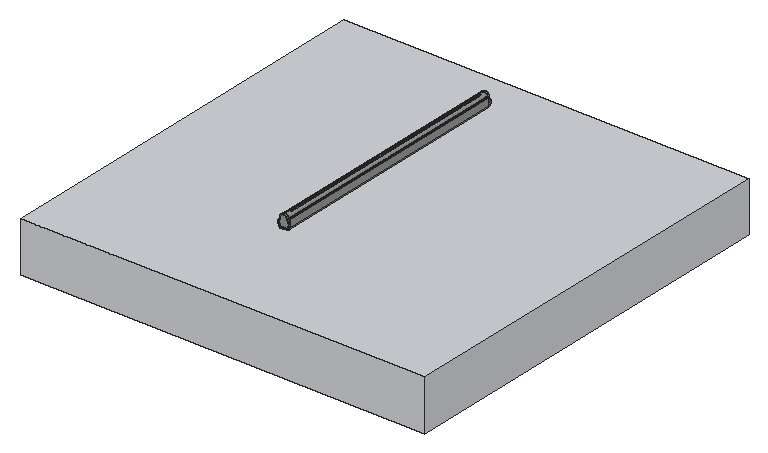
Revit family "L-trade II 65", category Осветительные приборы, Revit 2017
Family settings
  Основа = Грань
  Размер круглого соединителя = Использовать диаметр
  Тип детали = Нормальный
  При загрузке вырезать с полостями = Нет
  Источник света = Да
  Общий = Нет
  Точка расчета площади = Нет
Parameters (values of type "L-trade II 65 4.0K Д")
  Цветовая температура = 4000 K
  Световой поток светильника = Lumens  # 7605 lm
  Расстояние от светильника до поверхности = 250 mm
  Описание = "Универсальный светодиодный светильник нового поколения L-trade II 65  предназначен для освещения торговых залов, промышленных помещений, логистических центров, складов, магазинов, спортивных сооружений и т.д."
  Lamp = ""
  Кривая сил света = "Д"
  Комментарии к типоразмеру = "Торговые"
  Wattage Comments = ""
  Wattage = 51.1977 W
  built-in parameter 1150110 = 1 (stored number, unit not read)
  built-in parameter 1114217 = 1 (stored number, unit not read)
  Tilt Angle = 90.00°
  built-in parameter 1150109 = 1 (stored number, unit not read)
  built-in parameter 1150134 = 12
  built-in parameter 1150113 = 1 (stored number, unit not read)
  Файл фотометрической сетки = "L-trade II 65-22-D-4.0-03.ies"
  built-in parameter 1150142 = "IESNA:LM-63-1995\r\n[TEST]LEDEL\r\n[DATA]17.01.2017\r\n[MANUFAC]LEDEL\r\n[LUMCAT]L-trade II 65/65/Д/4.0/03\r\n[LUMINAIRE]Для освещения торговых залов, промышленных помещений, складов, магазинов, спортивных сооружений и т.д.  \r\n[LAMPCAT]LED\r\n[LAMP]OSRAM DURIS S5\r\nTILT=NONE\r\n\r\n1 7605 1.658307 37 10 1 2 1.531 0.05 0.123\r\n\r\n1 1 65\r\n\r\n 0 2.5 5 7.5 10 12.5 15 17.5 20 22.5 25 27.5 30 32.5 35 37.5 40 42.5 45 47.5\r\n 50 52.5 55 57.5 60 62.5 65 67.5 70 72.5 75 77.5 80 82.5 85 87.5 90\r\n\r\n  0 10 20 30 40 50 60 70 80 90\r\n\r\n  1448 1456 1465 1459 1434 1417 1396 1387 1383 1354 1329 1311 1281 1249 1214\r\n  1167 1135 1093 1050 1004 955 898 842 790 745 685 614 558 497 436\r\n  375 307 242 181 126 65 39\r\n  1449 1455 1464 1457 1433 1415 1396 1387 1385 1360 1334 1315 1285 1254 1221\r\n  1181 1144 1102 1059 1013 961 911 849 798 755 700 626 560 497 434\r\n  371 301 237 176 120 59 39\r\n  1446 1455 1463 1457 1437 1419 1402 1386 1386 1367 1337 1318 1288 1254 1226\r\n  1187 1141 1110 1065 1016 966 920 861 805 762 711 645 578 519 459\r\n  393 327 261 195 142 79 45\r\n  1446 1455 1462 1461 1443 1422 1409 1388 1379 1372 1344 1313 1292 1266 1230\r\n  1195 1156 1111 1073 1024 976 923 870 806 750 704 651 582 514 456\r\n  393 334 265 199 145 84 50\r\n  1446 1454 1462 1461 1447 1427 1411 1395 1371 1361 1347 1320 1287 1263 1235\r\n  1191 1154 1118 1068 1019 972 924 870 813 751 689 638 589 519 450\r\n  390 327 267 206 148 94 52\r\n  1445 1454 1461 1460 1449 1433 1414 1395 1375 1348 1333 1326 1298 1255 1221\r\n  1194 1158 1114 1070 1022 964 917 852 793 731 674 605 546 502 439\r\n  370 313 256 200 141 95 53\r\n  1446 1453 1461 1458 1452 1441 1428 1407 1380 1362 1338 1304 1278 1262 1243\r\n  1196 1146 1105 1065 1015 958 911 855 780 736 671 611 544 480 418\r\n  368 309 249 198 147 99 58\r\n  1447 1454 1458 1455 1449 1445 1432 1419 1396 1372 1343 1310 1281 1254 1215\r\n  1173 1137 1097 1055 1004 943 890 840 772 714 658 590 515 449 386\r\n  323 262 219 167 127 88 52\r\n  1455 1455 1454 1446 1437 1427 1415 1396 1377 1353 1321 1293 1259 1220 1176\r\n  1121 1063 1016 970 915 860 796 738 689 627 546 468 418 339 272\r\n  206 154 106 74 48 28 20\r\n  1453 1452 1452 1449 1443 1436 1425 1412 1396 1376 1352 1327 1293 1265 1234\r\n  1195 1141 1095 1049 999 950 899 826 780 705 632 578 501 435 364\r\n  295 228 169 115 72 40 22\r\n  1455 1452 1447 1432 1418 1398 1384 1368 1355 1329 1289 1253 1215 1176 1132\r\n  1090 1041 993 928 867 814 739 647 556 500 486 437 344 282 217\r\n  153 111 78 55 36 25 22\r\n  1447 1443 1438 1431 1425 1412 1396 1374 1351 1315 1276 1227 1185 1154 1116\r\n  1042 965 916 913 907 845 755 688 630 568 486 419 357 300 242\r\n  190 149 110 70 47 31 29\r\n  1446 1443 1446 1445 1431 1408 1385 1359 1327 1300 1252 1177 1120 1110 1115\r\n  1086 1020 955 910 863 805 738 673 620 554 494 430 368 312 260\r\n  211 161 106 73 47 35 32\r\n  1445 1445 1452 1447 1429 1404 1377 1356 1324 1263 1220 1224 1225 1170 1099\r\n  1054 1021 977 918 854 808 748 695 645 587 527 466 415 356 298\r\n  240 170 126 87 50 37 35\r\n  1446 1448 1455 1447 1428 1403 1377 1340 1278 1267 1296 1269 1209 1168 1128\r\n  1076 1019 958 916 864 809 763 711 653 592 538 481 425 366 301\r\n  228 173 131 83 47 37 35\r\n  1446 1454 1457 1445 1426 1403 1369 1311 1301 1328 1299 1241 1210 1178 1135\r\n  1078 1029 986 933 882 832 775 718 656 604 547 490 430 366 290\r\n  224 175 124 75 44 37 34\r\n  1446 1454 1457 1445 1424 1402 1357 1314 1337 1339 1284 1243 1216 1179 1127\r\n  1076 1035 984 936 896 845 788 726 676 617 559 497 433 362 285\r\n  225 176 120 72 41 37 34\r\n  1449 1459 1456 1440 1421 1391 1343 1326 1355 1329 1277 1253 1225 1186 1130\r\n  1092 1049 999 955 910 858 797 740 689 627 568 508 443 369 293\r\n  235 184 123 72 41 36 34\r\n  1448 1457 1457 1440 1418 1389 1343 1334 1359 1321 1278 1253 1219 1176 1123\r\n  1087 1041 994 951 905 852 790 736 679 621 561 498 432 356 283\r\n  225 172 113 67 40 35 34\r\n\r"
  built-in parameter 1150105 = 605.19 (stored number, unit not read)
  Lumens = 7605 lm
  built-in parameter 1150115 = 1 (stored number, unit not read)
  built-in parameter 1150137 = (empty or 0)
  built-in parameter 1150139 = (empty or 0)
  built-in parameter 1150112 = 1 (stored number, unit not read)
  built-in parameter 1150114 = 1 (stored number, unit not read)
  built-in parameter 1150132 = 2
  Классификация нагрузок = Освещение
  built-in parameter 1150102 = (empty or 0)
  built-in parameter 1150107 = 4000 (stored number, unit not read)
  built-in parameter 1150138 = (empty or 0)
  built-in parameter 1150106 = 6.0519 (stored number, unit not read)
  Emit from Rectangle Width = 48 mm
  Emit from Rectangle Length = 1500 mm
  Manufacturer = ""
  Длина профиля = Emit from Rectangle Length  # 1500 mm
  Emit Shape Visible in Rendering = no
  built-in parameter 1150104 = 13.8 (stored number, unit not read)
  Dimming Lamp Color Temperature Shift = (empty or 0)
  Default Elevation = 1219.2 mm
  Color Filter = 16777215
  built-in parameter 1114218 = 1 (stored number, unit not read)
  built-in parameter 1150133 = 10 (stored number, unit not read)
  Apparent Load = 65 VA  # constant formula
  Артикул = "323106500843300"
Reference planes
  plane 1 "Center (Front/Back)": y = 0
  plane 2: z = 0
  plane 3 "Center (Left/Right)": x = 0
Forms (mm)
  Extrusion 1, solid
    sketch origin (0, 0, 0) x (1, 0, 0) y (0, 1, 0)
      loop
        line (-1219.2, 1219.2) -> (-1219.2, -1219.2) -> (1219.2, -1219.2) -> (1219.2, 1219.2) -> (-1219.2, 1219.2)
    from 0 to -304.8
Dimensions and locks
  "Расстояние от светильника до поверхности": imposter light to Extrusion 1
  aligned and locked: plane 2 to Extrusion 1
  aligned and locked: level to Extrusion 1
Automatic sketch dimensions
  Extrusion 1 sketch curve to Extrusion 1 sketch curve = 2438.4 mm  (x2)
Nested families
  nested 1: "L-trade II_body" at (0, 0, 0), type "L-trade II_body"
    with Начало выдавливания 750 mm, Конец выдавливания -750 mm, Длина профиля 1500 mm
Connectors
  electrical at (0, 0, 0), driven by "Apparent Load", driven by "Классификация нагрузок"
    settings: on Extrusion 1, index 1, voltage 230 V, apparent load 0 VA, apparent load phase1 65 VA, apparent load phase2 0 VA, apparent load phase3 0 VA, power factor 1, load classification "Освещение", number of poles 1, system type 31, power factor state 1, is connector primary yes, connector utility no, sub classification motor no, connector description ""
Definition of nested family "L-trade II_body"
  Parameters (values of type "L-trade II_body")
    Тип торцевой крышки = Trade II торцевая крышка : Trade II торцевая крышка
    Расстояние от светильника до плоскости = Расстояние от низа светильника до плоскости + 80 mm  # 250 mm
    Расстояние от низа светильника до плоскости = 170 mm
    Default Elevation = 1219.2 mm
    Начало выдавливания = 250 mm
    Конец выдавливания = Начало выдавливания * (-1)  # -250 mm
    Длина профиля = Начало выдавливания * 2  # 500 mm
  Reference planes
    plane 1 "По центру (Вперед/Назад)": y = 0
    plane 2: z = 0
    plane 3 "По центру (Влево/Вправо)": x = 0
    plane 4 "Плоскость расположения светильника": z = 170
  Forms (mm)
    Extrusion 1, solid
      sketch origin (0, 0, 0) x (1, 0, 0) y (0, 1, 0)
        loop
          line (-1219.2, 1219.2) -> (-1219.2, -1219.2) -> (1219.2, -1219.2) -> (1219.2, 1219.2) -> (-1219.2, 1219.2)
      from 0 to -304.8
    Extrusion 2, solid
      sketch origin (0, 0, 170) x (0, -1, 0) y (1, 0, 0)
        loop
          line (-250, 2.572) -> (250, 2.572) -> (250, 4.625) -> (-250, 4.625) -> (-250, 2.572)
        loop
          line (-250, -2.572) -> (-250, -4.625) -> (250, -4.625) -> (250, -2.572) -> (-250, -2.572)
      from 0 to 1
    Extrusion 3, solid
      sketch origin (0, 0, 0) x (1, 0, 0) y (0, 0, 1)
        loop
          line (2.572, 170) -> (21.583, 170)
          arc (21.583, 170) -> (23.284, 170.705) -> (23.988, 172.406) r 2.406
          line (23.988, 172.406) -> (23.988, 219.1) -> (23.054, 219.44)
          arc (23.054, 219.44) -> (20.433, 219.877) -> (22.85, 220.98) r 1.389
          line (22.85, 220.98) -> (23.732, 222.227)
          arc (23.732, 222.227) -> (24.096, 223.532) -> (23.546, 224.771) r 2.006
          arc (23.546, 224.771) -> (23.261, 225.083) -> (23.188, 225.5) r 0.757
          line (23.188, 225.5) -> (22.224, 225.5) -> (22.224, 224.659) -> (22.797, 224.087)
          arc (22.797, 224.087) -> (22.797, 222.684) -> (21.394, 222.684) r 0.992
          arc (21.394, 222.684) -> (21.071, 222.931) -> (20.696, 223.087) r 1.556
          line (20.696, 223.087) -> (18.325, 223.087)
          arc (18.325, 223.087) -> (16.847, 224.004) -> (18.515, 224.5) r 0.954
          line (18.515, 224.5) -> (19.803, 224.5) -> (19.803, 225.5) -> (19.002, 225.5)
          arc (19.002, 225.5) -> (17.792, 225.901) -> (16.582, 225.5) r 2.024
          line (16.582, 225.5) -> (4.453, 225.5) -> (4.453, 224.5) -> (5.483, 224.5) -> (5.483, 223.3) -> (-5.506, 223.3) -> (-5.506, 224.5) -> (-4.477, 224.5) -> (-4.477, 225.5) -> (-16.606, 225.5)
          arc (-16.606, 225.5) -> (-17.815, 225.901) -> (-19.025, 225.5) r 2.024
          line (-19.025, 225.5) -> (-19.826, 225.5) -> (-19.826, 224.5) -> (-18.538, 224.5)
          arc (-18.538, 224.5) -> (-16.87, 224.004) -> (-18.349, 223.087) r 0.954
          line (-18.349, 223.087) -> (-20.719, 223.087)
          arc (-20.719, 223.087) -> (-21.095, 222.931) -> (-21.417, 222.684) r 1.556
          arc (-21.417, 222.684) -> (-22.82, 222.684) -> (-22.82, 224.087) r 0.992
          line (-22.82, 224.087) -> (-22.247, 224.659) -> (-22.247, 225.5) -> (-23.212, 225.5)
          arc (-23.212, 225.5) -> (-23.284, 225.083) -> (-23.569, 224.771) r 0.757
          arc (-23.569, 224.771) -> (-24.119, 223.532) -> (-23.756, 222.227) r 2.006
          line (-23.756, 222.227) -> (-22.873, 220.98)
          arc (-22.873, 220.98) -> (-20.456, 219.877) -> (-23.077, 219.44) r 1.389
          line (-23.077, 219.44) -> (-24.012, 219.1) -> (-24.012, 172.406)
          arc (-24.012, 172.406) -> (-23.307, 170.705) -> (-21.606, 170) r 2.406
          line (-21.606, 170) -> (-2.595, 170) -> (-2.595, 171) -> (-4.649, 171) -> (-4.649, 175.456) -> (4.625, 175.456) -> (4.625, 171) -> (2.572, 171) -> (2.572, 170)
        loop
          line (5.619, 171) -> (21.584, 171)
          arc (21.584, 171) -> (22.577, 171.411) -> (22.988, 172.405) r 1.405
          line (22.988, 172.405) -> (22.988, 217.897)
          arc (22.988, 217.897) -> (19.715, 218.767) -> (20.407, 222.082) r 2.462
          line (20.407, 222.082) -> (18.726, 222.082)
          arc (18.726, 222.082) -> (16.485, 222.332) -> (15.866, 224.5) r 2.024
          line (15.866, 224.5) -> (6.476, 224.5) -> (6.476, 222.279) -> (-6.499, 222.279) -> (-6.499, 224.5) -> (-15.89, 224.5)
          arc (-15.89, 224.5) -> (-16.509, 222.332) -> (-18.749, 222.082) r 2.024
          line (-18.749, 222.082) -> (-20.43, 222.082)
          arc (-20.43, 222.082) -> (-19.738, 218.767) -> (-23.012, 217.897) r 2.462
          line (-23.012, 217.897) -> (-23.012, 172.405)
          arc (-23.012, 172.405) -> (-22.6, 171.411) -> (-21.607, 171) r 1.405
          line (-21.607, 171) -> (-5.642, 171) -> (-5.642, 176.427) -> (5.619, 176.427) -> (5.619, 171)
      from 250 <- "Начало выдавливания" to -250 <- "Конец выдавливания"
    Extrusion 4, solid
      sketch origin (0, 0, 0) x (1, 0, 0) y (0, 0, 1)
        loop
          arc (-0.012, 246.283) -> (14.71, 240.185) -> (20.808, 225.463) r 20.82
          line (20.808, 225.463) -> (20.808, 224.359) -> (18.369, 224.359) -> (18.369, 223.222) -> (22.088, 223.222) -> (22.088, 225.463)
          arc (22.088, 225.463) -> (15.615, 241.09) -> (-0.012, 247.563) r 22.1
          arc (-0.012, 247.563) -> (-15.639, 241.09) -> (-22.112, 225.463) r 22.1
          line (-22.112, 225.463) -> (-22.112, 223.222) -> (-18.393, 223.222) -> (-18.393, 224.359) -> (-20.832, 224.359) -> (-20.832, 225.463)
          arc (-20.832, 225.463) -> (-14.734, 240.185) -> (-0.012, 246.283) r 20.82
      from 250 <- "Начало выдавливания" to -250 <- "Конец выдавливания"
  Dimensions and locks
    "Расстояние от низа светильника до плоскости": plane 4 "Плоскость расположения светильника" to Extrusion 1
    aligned and locked: plane 2 to Extrusion 1
    aligned and locked: level to Extrusion 1
  Automatic sketch dimensions
    Extrusion 1 sketch curve to Extrusion 1 sketch curve = 2438.4 mm  (x2)
    Extrusion 2 sketch curve to plane 3 "По центру (Влево/Вправо)" = 2.572 mm
    Extrusion 2 sketch curve to plane 1 "По центру (Вперед/Назад)" = 250 mm
    plane 1 "По центру (Вперед/Назад)" to Extrusion 2 sketch curve = 250 mm
    plane 3 "По центру (Влево/Вправо)" to Extrusion 2 sketch curve = 2.572 mm
    Extrusion 2 sketch curve to Extrusion 2 sketch curve = 0 mm  (x2)
    Extrusion 2 sketch curve to Extrusion 2 sketch curve = 2.053 mm  (x2)
    Extrusion 3 sketch curve to Extrusion 3 sketch curve = 0 mm  (x22)
    Extrusion 3 sketch curve to plane 4 "Плоскость расположения светильника" = 0 mm  (x2)
    Extrusion 3 sketch curve to plane 3 "По центру (Влево/Вправо)" = 24.012 mm
    Extrusion 3 sketch curve to Extrusion 3 sketch curve = 0.047 mm
    Extrusion 3 sketch curve to Extrusion 3 sketch curve = 0.256 mm
    Extrusion 3 sketch curve to Extrusion 3 sketch curve = 0.753 mm  (x2)
    Extrusion 3 sketch curve to Extrusion 3 sketch curve = 0.935 mm  (x2)
    Extrusion 3 sketch curve to Extrusion 3 sketch curve = 1 mm  (x4)
    Extrusion 3 sketch curve to Extrusion 3 sketch curve = 0.882 mm  (x2)
    Extrusion 3 sketch curve to Extrusion 3 sketch curve = 0.392 mm
    Extrusion 3 sketch curve to Extrusion 3 sketch curve = 0.964 mm  (x2)
    Extrusion 3 sketch curve to Extrusion 3 sketch curve = 0.702 mm  (x2)
    Extrusion 3 sketch curve to Extrusion 3 sketch curve = 1.04 mm  (x2)
    Extrusion 3 sketch curve to Extrusion 3 sketch curve = 1.405 mm
    Extrusion 3 sketch curve to Extrusion 3 sketch curve = 0.001 mm  (x2)
    Extrusion 3 sketch curve to Extrusion 3 sketch curve = 1.399 mm  (x2)
    Extrusion 3 sketch curve to Extrusion 3 sketch curve = 0.289 mm  (x2)
    Extrusion 3 sketch curve to Extrusion 3 sketch curve = 0.114 mm  (x2)
    Extrusion 3 sketch curve to Extrusion 3 sketch curve = 2.421 mm
    Extrusion 3 sketch curve to Extrusion 3 sketch curve = 0.801 mm  (x2)
    Extrusion 3 sketch curve to Extrusion 3 sketch curve = 1.567 mm  (x2)
    Extrusion 3 sketch curve to Extrusion 3 sketch curve = 0.487 mm  (x2)
    Extrusion 3 sketch curve to Extrusion 3 sketch curve = 0.401 mm  (x2)
    Extrusion 3 sketch curve to Extrusion 3 sketch curve = 0.533 mm  (x2)
    Extrusion 3 sketch curve to Extrusion 3 sketch curve = 1.21 mm  (x2)
    Extrusion 3 sketch curve to Extrusion 3 sketch curve = 0.716 mm  (x2)
    Extrusion 3 sketch curve to plane 3 "По центру (Влево/Вправо)" = 6.499 mm
    plane 4 "Плоскость расположения светильника" to Extrusion 3 sketch curve = 1 mm  (x4)
    Extrusion 3 sketch curve to plane 3 "По центру (Влево/Вправо)" = 5.642 mm
    Extrusion 3 sketch curve to Extrusion 3 sketch curve = 0.993 mm  (x4)
    Extrusion 3 sketch curve to Extrusion 3 sketch curve = 1.03 mm  (x2)
    Extrusion 3 sketch curve to Extrusion 3 sketch curve = 2.053 mm  (x2)
    plane 3 "По центру (Влево/Вправо)" to Extrusion 3 sketch curve = 2.572 mm
    plane 3 "По центру (Влево/Вправо)" to Extrusion 3 sketch curve = 4.453 mm
    Extrusion 3 sketch curve to Extrusion 3 sketch curve = 9.39 mm
    Extrusion 3 sketch curve to Extrusion 3 sketch curve = 0.723 mm
    plane 4 "Плоскость расположения светильника" to Extrusion 3 sketch curve = 2.406 mm
    Extrusion 3 sketch curve to Extrusion 3 sketch curve = 15.964 mm
    Extrusion 3 sketch curve to Extrusion 3 sketch curve = 1.517 mm
    Extrusion 3 sketch curve to Extrusion 3 sketch curve = 0.129 mm
    Extrusion 3 sketch curve to Extrusion 3 sketch curve = 0.573 mm  (x3)
    Extrusion 3 sketch curve to Extrusion 3 sketch curve = 4.456 mm
    Extrusion 3 sketch curve to Extrusion 3 sketch curve = 0.971 mm
    Extrusion 3 sketch curve to Extrusion 3 sketch curve = 41.47 mm  (x2)
    Extrusion 3 sketch curve to Extrusion 3 sketch curve = 1.203 mm  (x2)
    Extrusion 3 sketch curve to Extrusion 3 sketch curve = 0.34 mm  (x2)
    Extrusion 3 sketch curve to Extrusion 3 sketch curve = 0.619 mm  (x2)
    Extrusion 3 sketch curve to Extrusion 3 sketch curve = 0.498 mm  (x2)
    Extrusion 3 sketch curve to Extrusion 3 sketch curve = 1.247 mm  (x2)
    Extrusion 3 sketch curve to Extrusion 3 sketch curve = 0.198 mm
    Extrusion 3 sketch curve to Extrusion 3 sketch curve = 1.005 mm  (x2)
    Extrusion 3 sketch curve to Extrusion 3 sketch curve = 1.021 mm
    Extrusion 3 sketch curve to Extrusion 3 sketch curve = 0.299 mm  (x2)
    Extrusion 3 sketch curve to Extrusion 3 sketch curve = 0.791 mm  (x2)
    Extrusion 3 sketch curve to Extrusion 3 sketch curve = 1.33 mm  (x2)
    Extrusion 3 sketch curve to Extrusion 3 sketch curve = 0.841 mm  (x2)
    Extrusion 3 sketch curve to Extrusion 3 sketch curve = 0.698 mm
    Extrusion 4 sketch curve to Extrusion 4 sketch curve = 0 mm  (x13)
    Extrusion 4 sketch curve to plane 3 "По центру (Влево/Вправо)" = 22.112 mm
    Extrusion 4 sketch curve to Extrusion 4 sketch curve = 1.28 mm
    Extrusion 4 sketch curve to Extrusion 4 sketch curve = 2.439 mm  (x2)
    Extrusion 4 sketch curve to plane 3 "По центру (Влево/Вправо)" = 0.012 mm
    plane 4 "Плоскость расположения светильника" to Extrusion 4 sketch curve = 53.222 mm
    Extrusion 4 sketch curve to Extrusion 4 sketch curve = 1.137 mm  (x2)
    Extrusion 4 sketch curve to Extrusion 4 sketch curve = 1.104 mm
  Nested families
    nested 1: "Trade II торцевая крышка" at (0.005, 0, 0), type <- "Тип торцевой крышки", type "Trade II торцевая крышка"
      with Расстояние от светильника до плоскости 250 mm, Расстояние до плоскости 178 mm, Начало профиля 250 mm, Начало выделения 250 mm, Конец профиля 250 mm, Конец выделения 250 mm, Длина профиля 500 mm
    nested 2: "Trade II торцевая крышка" at (0, 0, 0), type <- "Тип торцевой крышки", type "Trade II торцевая крышка"
      with Расстояние от светильника до плоскости 250 mm, Расстояние до плоскости 178 mm, Начало профиля 250 mm, Начало выделения 250 mm, Конец профиля 250 mm, Конец выделения 250 mm, Длина профиля 500 mm
  Definition of nested family "Trade II торцевая крышка"
    Parameters (values of type "Trade II торцевая крышка")
      Расстояние от светильника до плоскости = Расстояние до плоскости + 72 mm  # 322 mm
      Расстояние до плоскости = 250 mm
      Default Elevation = 1219.2 mm
      Начало профиля = 500 mm
      Начало выделения = Начало профиля  # 500 mm
      Конец профиля = Начало профиля  # 500 mm
      Конец выделения = Конец профиля  # 500 mm
      Длина профиля = Начало профиля * 2  # 1000 mm
    Reference planes
      plane 1 "По центру (Вперед/Назад)": y = 0
      plane 2: z = 0
      plane 3 "По центру (Влево/Вправо)": x = 0
      plane 4 "Плоскость низа светильника": z = 250
      plane 5 "Начало выд": y = -500
      plane 6 "Конец выд": y = 500
    Forms (mm)
      Extrusion 1, solid
        sketch origin (0, 0, 0) x (1, 0, 0) y (0, 1, 0)
          loop
            line (-1219.2, 1219.2) -> (-1219.2, -1219.2) -> (1219.2, -1219.2) -> (1219.2, 1219.2) -> (-1219.2, 1219.2)
        from 0 to -304.8
      Extrusion 2, solid
        sketch origin (0, 500, 0) x (0, 0, -1) y (1, 0, 0)
          loop
            arc (-298.752, 21.086) -> (-313.465, 14.795) -> (-319.533, -0.012) r 21.1
            arc (-319.533, -0.012) -> (-313.465, -14.818) -> (-298.752, -21.109) r 21.1
            arc (-298.752, -21.109) -> (-295.801, -23.179) -> (-292.204, -23.41) r 6.666
            arc (-292.204, -23.41) -> (-287.349, -22.848) -> (-283.631, -26.02) r 6.12
            line (-283.631, -26.02) -> (-282.1, -29.159)
            arc (-282.1, -29.159) -> (-281.536, -29.747) -> (-280.75, -29.964) r 1.536
            line (-280.75, -29.964) -> (-272.479, -29.964) -> (-264.208, -29.964)
            arc (-264.208, -29.964) -> (-263.423, -29.748) -> (-262.859, -29.161) r 1.536
            line (-262.859, -29.161) -> (-261.333, -26.017)
            arc (-261.333, -26.017) -> (-257.413, -22.783) -> (-252.402, -23.624) r 6.12
            arc (-252.402, -23.624) -> (-249.184, -24.431) -> (-246.185, -23.012) r 4.919
            arc (-246.185, -23.012) -> (-245.496, -23.055) -> (-244.832, -22.871) r 2.071
            arc (-244.832, -22.871) -> (-244.246, -22.355) -> (-244.028, -21.606) r 1.397
            line (-244.028, -21.606) -> (-244.028, -5.649) -> (-250, -5.649) -> (-250, -0.012) -> (-250, 5.625) -> (-244.028, 5.625) -> (-244.028, 21.583)
            arc (-244.028, 21.583) -> (-244.246, 22.332) -> (-244.832, 22.848) r 1.397
            arc (-244.832, 22.848) -> (-245.496, 23.032) -> (-246.185, 22.988) r 2.071
            arc (-246.185, 22.988) -> (-249.184, 24.408) -> (-252.402, 23.601) r 4.919
            arc (-252.402, 23.601) -> (-257.413, 22.759) -> (-261.333, 25.993) r 6.12
            line (-261.333, 25.993) -> (-262.859, 29.137)
            arc (-262.859, 29.137) -> (-263.423, 29.725) -> (-264.208, 29.94) r 1.536
            line (-264.208, 29.94) -> (-272.479, 29.94) -> (-280.75, 29.94)
            arc (-280.75, 29.94) -> (-281.536, 29.724) -> (-282.1, 29.136) r 1.536
            line (-282.1, 29.136) -> (-283.631, 25.997)
            arc (-283.631, 25.997) -> (-287.349, 22.825) -> (-292.204, 23.386) r 6.12
            arc (-292.204, 23.386) -> (-295.801, 23.156) -> (-298.752, 21.086) r 6.666
        from 0 to -1
      Extrusion 3, solid
        sketch origin (0, -500, 0) x (0, 0, -1) y (1, 0, 0)
          loop
            line (-244.028, 5.632) -> (-244.028, 21.59)
            arc (-244.028, 21.59) -> (-244.246, 22.339) -> (-244.832, 22.854) r 1.397
            arc (-244.832, 22.854) -> (-245.496, 23.039) -> (-246.185, 22.995) r 2.071
            arc (-246.185, 22.995) -> (-249.184, 24.415) -> (-252.402, 23.607) r 4.919
            arc (-252.402, 23.607) -> (-257.413, 22.766) -> (-261.333, 26) r 6.12
            line (-261.333, 26) -> (-262.859, 29.144)
            arc (-262.859, 29.144) -> (-263.423, 29.731) -> (-264.208, 29.947) r 1.536
            line (-264.208, 29.947) -> (-272.479, 29.947) -> (-280.75, 29.947)
            arc (-280.75, 29.947) -> (-281.536, 29.731) -> (-282.1, 29.143) r 1.536
            line (-282.1, 29.143) -> (-283.631, 26.003)
            arc (-283.631, 26.003) -> (-287.349, 22.832) -> (-292.204, 23.393) r 6.12
            arc (-292.204, 23.393) -> (-295.801, 23.163) -> (-298.752, 21.093) r 6.666
            arc (-298.752, 21.093) -> (-313.465, 14.802) -> (-319.533, -0.005) r 21.1
            arc (-319.533, -0.005) -> (-313.465, -14.811) -> (-298.752, -21.102) r 21.1
            arc (-298.752, -21.102) -> (-295.801, -23.172) -> (-292.204, -23.403) r 6.666
            arc (-292.204, -23.403) -> (-287.349, -22.841) -> (-283.631, -26.013) r 6.12
            line (-283.631, -26.013) -> (-282.1, -29.153)
            arc (-282.1, -29.153) -> (-281.536, -29.741) -> (-280.75, -29.957) r 1.536
            line (-280.75, -29.957) -> (-272.479, -29.957) -> (-264.208, -29.957)
            arc (-264.208, -29.957) -> (-263.423, -29.741) -> (-262.859, -29.154) r 1.536
            line (-262.859, -29.154) -> (-261.333, -26.01)
            arc (-261.333, -26.01) -> (-257.413, -22.776) -> (-252.402, -23.617) r 6.12
            arc (-252.402, -23.617) -> (-249.184, -24.424) -> (-246.185, -23.005) r 4.919
            arc (-246.185, -23.005) -> (-245.496, -23.049) -> (-244.832, -22.864) r 2.071
            arc (-244.832, -22.864) -> (-244.246, -22.348) -> (-244.028, -21.599) r 1.397
            line (-244.028, -21.599) -> (-244.028, -5.642) -> (-248, -5.642) -> (-250, -5.649) -> (-250, 5.625) -> (-248, 5.625) -> (-244.028, 5.632)
        from 0 to 1
      Extrusion 4, solid
        sketch origin (0, -500, 0) x (0, 0, -1) y (1, 0, 0)
          loop
            arc (-319.533, -0.005) -> (-313.465, -14.811) -> (-298.752, -21.102) r 21.1
            arc (-298.752, -21.102) -> (-295.801, -23.172) -> (-292.204, -23.403) r 6.666
            arc (-292.204, -23.403) -> (-287.349, -22.841) -> (-283.631, -26.013) r 6.12
            line (-283.631, -26.013) -> (-282.1, -29.153)
            arc (-282.1, -29.153) -> (-281.536, -29.741) -> (-280.75, -29.957) r 1.536
            line (-280.75, -29.957) -> (-272.479, -29.957) -> (-264.208, -29.957)
            arc (-264.208, -29.957) -> (-263.423, -29.741) -> (-262.859, -29.154) r 1.536
            line (-262.859, -29.154) -> (-261.333, -26.01)
            arc (-261.333, -26.01) -> (-257.413, -22.776) -> (-252.402, -23.617) r 6.12
            arc (-252.402, -23.617) -> (-249.184, -24.424) -> (-246.185, -23.005) r 4.919
            arc (-246.185, -23.005) -> (-245.496, -23.049) -> (-244.832, -22.864) r 2.071
            arc (-244.832, -22.864) -> (-244.246, -22.348) -> (-244.028, -21.599) r 1.397
            line (-244.028, -21.599) -> (-244.028, -5.642) -> (-248, -5.642) -> (-250, -5.649) -> (-250, -0.012) -> (-250, 5.639) -> (-248, 5.639) -> (-244.028, 5.632) -> (-244.028, 21.59)
            arc (-244.028, 21.59) -> (-244.246, 22.339) -> (-244.832, 22.854) r 1.397
            arc (-244.832, 22.854) -> (-245.496, 23.039) -> (-246.185, 22.995) r 2.071
            arc (-246.185, 22.995) -> (-249.184, 24.415) -> (-252.402, 23.607) r 4.919
            arc (-252.402, 23.607) -> (-257.413, 22.766) -> (-261.333, 26) r 6.12
            line (-261.333, 26) -> (-262.859, 29.144)
            arc (-262.859, 29.144) -> (-263.423, 29.731) -> (-264.208, 29.947) r 1.536
            line (-264.208, 29.947) -> (-272.479, 29.947) -> (-280.75, 29.947)
            arc (-280.75, 29.947) -> (-281.536, 29.731) -> (-282.1, 29.143) r 1.536
            line (-282.1, 29.143) -> (-283.631, 26.003)
            arc (-283.631, 26.003) -> (-287.349, 22.832) -> (-292.204, 23.393) r 6.12
            arc (-292.204, 23.393) -> (-295.801, 23.163) -> (-298.752, 21.093) r 6.666
            arc (-298.752, 21.093) -> (-313.465, 14.802) -> (-319.533, -0.005) r 21.1
          loop
            arc (-321.533, -0.005) -> (-315.194, -15.9) -> (-299.657, -23.072) r 23.1
            arc (-299.657, -23.072) -> (-295.831, -25.254) -> (-291.427, -25.274) r 8.666
            arc (-291.427, -25.274) -> (-288.06, -24.718) -> (-285.429, -26.89) r 4.12
            line (-285.429, -26.89) -> (-283.883, -30.06)
            arc (-283.883, -30.06) -> (-282.581, -31.446) -> (-280.75, -31.957) r 3.536
            line (-280.75, -31.957) -> (-272.479, -31.957) -> (-264.208, -31.957)
            arc (-264.208, -31.957) -> (-262.377, -31.446) -> (-261.075, -30.06) r 3.536
            line (-261.075, -30.06) -> (-259.534, -26.884)
            arc (-259.534, -26.884) -> (-256.893, -24.707) -> (-253.519, -25.276) r 4.12
            arc (-253.519, -25.276) -> (-249.474, -26.446) -> (-245.501, -25.054) r 6.919
            arc (-245.501, -25.054) -> (-244.724, -24.938) -> (-243.983, -24.675) r 4.071
            arc (-243.983, -24.675) -> (-242.558, -23.421) -> (-242.028, -21.599) r 3.397
            line (-242.028, -21.599) -> (-242.028, -3.642) -> (-248, -3.642) -> (-248, -0.012) -> (-248, 3.632) -> (-242.028, 3.632) -> (-242.028, 21.59)
            arc (-242.028, 21.59) -> (-242.558, 23.412) -> (-243.983, 24.665) r 3.397
            arc (-243.983, 24.665) -> (-244.724, 24.929) -> (-245.501, 25.045) r 4.071
            arc (-245.501, 25.045) -> (-249.474, 26.436) -> (-253.519, 25.267) r 6.919
            arc (-253.519, 25.267) -> (-256.893, 24.698) -> (-259.534, 26.875) r 4.12
            line (-259.534, 26.875) -> (-261.075, 30.05)
            arc (-261.075, 30.05) -> (-262.377, 31.436) -> (-264.208, 31.947) r 3.536
            line (-264.208, 31.947) -> (-272.479, 31.947) -> (-280.75, 31.947)
            arc (-280.75, 31.947) -> (-282.581, 31.436) -> (-283.883, 30.05) r 3.536
            line (-283.883, 30.05) -> (-285.429, 26.88)
            arc (-285.429, 26.88) -> (-288.06, 24.708) -> (-291.427, 25.265) r 4.12
            arc (-291.427, 25.265) -> (-295.831, 25.245) -> (-299.657, 23.063) r 8.666
            arc (-299.657, 23.063) -> (-315.194, 15.891) -> (-321.533, -0.005) r 23.1
        from 0 to 9
      Extrusion 5, solid
        sketch origin (0, 500, 0) x (0, 0, -1) y (1, 0, 0)
          loop
            arc (-319.526, -0.004) -> (-313.459, -14.811) -> (-298.746, -21.101) r 21.1
            arc (-298.746, -21.101) -> (-295.795, -23.171) -> (-292.197, -23.402) r 6.666
            arc (-292.197, -23.402) -> (-287.343, -22.84) -> (-283.625, -26.012) r 6.12
            line (-283.625, -26.012) -> (-282.093, -29.152)
            arc (-282.093, -29.152) -> (-281.529, -29.74) -> (-280.743, -29.956) r 1.536
            line (-280.743, -29.956) -> (-272.472, -29.956) -> (-264.202, -29.956)
            arc (-264.202, -29.956) -> (-263.416, -29.74) -> (-262.852, -29.153) r 1.536
            line (-262.852, -29.153) -> (-261.326, -26.009)
            arc (-261.326, -26.009) -> (-257.406, -22.775) -> (-252.395, -23.616) r 6.12
            arc (-252.395, -23.616) -> (-249.177, -24.424) -> (-246.178, -23.004) r 4.919
            arc (-246.178, -23.004) -> (-245.49, -23.048) -> (-244.825, -22.863) r 2.071
            arc (-244.825, -22.863) -> (-244.239, -22.348) -> (-244.021, -21.598) r 1.397
            line (-244.021, -21.598) -> (-244.021, -5.641) -> (-247.993, -5.641) -> (-249.993, -5.648) -> (-249.993, -0.011) -> (-249.993, 5.64) -> (-247.993, 5.64) -> (-244.021, 5.633) -> (-244.021, 21.59)
            arc (-244.021, 21.59) -> (-244.239, 22.34) -> (-244.825, 22.855) r 1.397
            arc (-244.825, 22.855) -> (-245.49, 23.04) -> (-246.178, 22.996) r 2.071
            arc (-246.178, 22.996) -> (-249.177, 24.416) -> (-252.395, 23.608) r 4.919
            arc (-252.395, 23.608) -> (-257.406, 22.767) -> (-261.326, 26.001) r 6.12
            line (-261.326, 26.001) -> (-262.852, 29.145)
            arc (-262.852, 29.145) -> (-263.416, 29.732) -> (-264.202, 29.948) r 1.536
            line (-264.202, 29.948) -> (-272.472, 29.948) -> (-280.743, 29.948)
            arc (-280.743, 29.948) -> (-281.529, 29.732) -> (-282.093, 29.144) r 1.536
            line (-282.093, 29.144) -> (-283.625, 26.004)
            arc (-283.625, 26.004) -> (-287.343, 22.833) -> (-292.197, 23.394) r 6.12
            arc (-292.197, 23.394) -> (-295.795, 23.163) -> (-298.746, 21.094) r 6.666
            arc (-298.746, 21.094) -> (-313.459, 14.803) -> (-319.526, -0.004) r 21.1
          loop
            arc (-321.526, -0.004) -> (-315.188, -15.899) -> (-299.65, -23.071) r 23.1
            arc (-299.65, -23.071) -> (-295.824, -25.254) -> (-291.42, -25.273) r 8.666
            arc (-291.42, -25.273) -> (-288.054, -24.717) -> (-285.422, -26.889) r 4.12
            line (-285.422, -26.889) -> (-283.876, -30.059)
            arc (-283.876, -30.059) -> (-282.575, -31.445) -> (-280.743, -31.956) r 3.536
            line (-280.743, -31.956) -> (-272.472, -31.956) -> (-264.202, -31.956)
            arc (-264.202, -31.956) -> (-262.37, -31.445) -> (-261.068, -30.059) r 3.536
            line (-261.068, -30.059) -> (-259.527, -26.883)
            arc (-259.527, -26.883) -> (-256.887, -24.706) -> (-253.512, -25.275) r 4.12
            arc (-253.512, -25.275) -> (-249.468, -26.445) -> (-245.494, -25.053) r 6.919
            arc (-245.494, -25.053) -> (-244.717, -24.937) -> (-243.976, -24.674) r 4.071
            arc (-243.976, -24.674) -> (-242.551, -23.421) -> (-242.021, -21.598) r 3.397
            line (-242.021, -21.598) -> (-242.021, -3.641) -> (-247.993, -3.641) -> (-247.993, -0.011) -> (-247.993, 3.633) -> (-242.021, 3.633) -> (-242.021, 21.59)
            arc (-242.021, 21.59) -> (-242.551, 23.413) -> (-243.976, 24.666) r 3.397
            arc (-243.976, 24.666) -> (-244.717, 24.93) -> (-245.494, 25.046) r 4.071
            arc (-245.494, 25.046) -> (-249.468, 26.437) -> (-253.512, 25.267) r 6.919
            arc (-253.512, 25.267) -> (-256.887, 24.698) -> (-259.527, 26.875) r 4.12
            line (-259.527, 26.875) -> (-261.068, 30.051)
            arc (-261.068, 30.051) -> (-262.37, 31.437) -> (-264.202, 31.948) r 3.536
            line (-264.202, 31.948) -> (-272.472, 31.948) -> (-280.743, 31.948)
            arc (-280.743, 31.948) -> (-282.575, 31.437) -> (-283.876, 30.051) r 3.536
            line (-283.876, 30.051) -> (-285.422, 26.881)
            arc (-285.422, 26.881) -> (-288.054, 24.709) -> (-291.42, 25.265) r 4.12
            arc (-291.42, 25.265) -> (-295.824, 25.246) -> (-299.65, 23.064) r 8.666
            arc (-299.65, 23.064) -> (-315.188, 15.892) -> (-321.526, -0.004) r 23.1
        from 0 to -9
      Extrusion 6, solid
        sketch origin (0, -500, 0) x (0, 0, -1) y (1, 0, 0)
          loop
            line (-244.028, 5.632) -> (-244.028, 21.59)
            arc (-244.028, 21.59) -> (-244.246, 22.339) -> (-244.832, 22.854) r 1.397
            arc (-244.832, 22.854) -> (-245.496, 23.039) -> (-246.185, 22.995) r 2.071
            arc (-246.185, 22.995) -> (-249.184, 24.415) -> (-252.402, 23.607) r 4.919
            arc (-252.402, 23.607) -> (-257.413, 22.766) -> (-261.333, 26) r 6.12
            line (-261.333, 26) -> (-262.859, 29.144)
            arc (-262.859, 29.144) -> (-263.423, 29.731) -> (-264.208, 29.947) r 1.536
            line (-264.208, 29.947) -> (-272.479, 29.947) -> (-280.75, 29.947)
            arc (-280.75, 29.947) -> (-281.536, 29.731) -> (-282.1, 29.143) r 1.536
            line (-282.1, 29.143) -> (-283.631, 26.003)
            arc (-283.631, 26.003) -> (-287.349, 22.832) -> (-292.204, 23.393) r 6.12
            arc (-292.204, 23.393) -> (-295.801, 23.163) -> (-298.752, 21.093) r 6.666
            arc (-298.752, 21.093) -> (-313.465, 14.802) -> (-319.533, -0.005) r 21.1
            arc (-319.533, -0.005) -> (-313.465, -14.811) -> (-298.752, -21.102) r 21.1
            arc (-298.752, -21.102) -> (-295.801, -23.172) -> (-292.204, -23.403) r 6.666
            arc (-292.204, -23.403) -> (-287.349, -22.841) -> (-283.631, -26.013) r 6.12
            line (-283.631, -26.013) -> (-282.1, -29.153)
            arc (-282.1, -29.153) -> (-281.536, -29.741) -> (-280.75, -29.957) r 1.536
            line (-280.75, -29.957) -> (-272.479, -29.957) -> (-264.208, -29.957)
            arc (-264.208, -29.957) -> (-263.423, -29.741) -> (-262.859, -29.154) r 1.536
            line (-262.859, -29.154) -> (-261.333, -26.01)
            arc (-261.333, -26.01) -> (-257.413, -22.776) -> (-252.402, -23.617) r 6.12
            arc (-252.402, -23.617) -> (-249.184, -24.424) -> (-246.185, -23.005) r 4.919
            arc (-246.185, -23.005) -> (-245.496, -23.049) -> (-244.832, -22.864) r 2.071
            arc (-244.832, -22.864) -> (-244.246, -22.348) -> (-244.028, -21.599) r 1.397
            line (-244.028, -21.599) -> (-244.028, -5.642) -> (-248, -5.642) -> (-250, -5.649) -> (-250, 5.625) -> (-248, 5.625) -> (-244.028, 5.632)
        from 8 to 9
      Extrusion 7, solid
        sketch origin (0, 500, 0) x (0, 0, -1) y (1, 0, 0)
          loop
            line (-244.028, 5.632) -> (-244.028, 21.59)
            arc (-244.028, 21.59) -> (-244.246, 22.339) -> (-244.832, 22.854) r 1.397
            arc (-244.832, 22.854) -> (-245.496, 23.039) -> (-246.185, 22.995) r 2.071
            arc (-246.185, 22.995) -> (-249.184, 24.415) -> (-252.402, 23.607) r 4.919
            arc (-252.402, 23.607) -> (-257.413, 22.766) -> (-261.333, 26) r 6.12
            line (-261.333, 26) -> (-262.859, 29.144)
            arc (-262.859, 29.144) -> (-263.423, 29.731) -> (-264.208, 29.947) r 1.536
            line (-264.208, 29.947) -> (-272.479, 29.947) -> (-280.75, 29.947)
            arc (-280.75, 29.947) -> (-281.536, 29.731) -> (-282.1, 29.143) r 1.536
            line (-282.1, 29.143) -> (-283.631, 26.003)
            arc (-283.631, 26.003) -> (-287.349, 22.832) -> (-292.204, 23.393) r 6.12
            arc (-292.204, 23.393) -> (-295.801, 23.163) -> (-298.752, 21.093) r 6.666
            arc (-298.752, 21.093) -> (-313.465, 14.802) -> (-319.533, -0.005) r 21.1
            arc (-319.533, -0.005) -> (-313.465, -14.811) -> (-298.752, -21.102) r 21.1
            arc (-298.752, -21.102) -> (-295.801, -23.172) -> (-292.204, -23.403) r 6.666
            arc (-292.204, -23.403) -> (-287.349, -22.841) -> (-283.631, -26.013) r 6.12
            line (-283.631, -26.013) -> (-282.1, -29.153)
            arc (-282.1, -29.153) -> (-281.536, -29.741) -> (-280.75, -29.957) r 1.536
            line (-280.75, -29.957) -> (-272.479, -29.957) -> (-264.208, -29.957)
            arc (-264.208, -29.957) -> (-263.423, -29.741) -> (-262.859, -29.154) r 1.536
            line (-262.859, -29.154) -> (-261.333, -26.01)
            arc (-261.333, -26.01) -> (-257.413, -22.776) -> (-252.402, -23.617) r 6.12
            arc (-252.402, -23.617) -> (-249.184, -24.424) -> (-246.185, -23.005) r 4.919
            arc (-246.185, -23.005) -> (-245.496, -23.049) -> (-244.832, -22.864) r 2.071
            arc (-244.832, -22.864) -> (-244.246, -22.348) -> (-244.028, -21.599) r 1.397
            line (-244.028, -21.599) -> (-244.028, -5.642) -> (-248, -5.642) -> (-250, -5.649) -> (-250, 5.625) -> (-248, 5.625) -> (-244.028, 5.632)
        from -8 to -9
    Dimensions and locks
      "Расстояние до плоскости": plane 4 "Плоскость низа светильника" to Extrusion 1
      "Начало выделения": plane 5 "Начало выд" to plane 1 "По центру (Вперед/Назад)"
      "Конец выделения": plane 1 "По центру (Вперед/Назад)" to plane 6 "Конец выд"
      aligned and locked: plane 2 to Extrusion 1
      aligned and locked: level to Extrusion 1
    Automatic sketch dimensions
      Extrusion 1 sketch curve to Extrusion 1 sketch curve = 2438.4 mm  (x2)
      Extrusion 2 sketch curve to Extrusion 2 sketch curve = 0 mm  (x2)
      Extrusion 2 sketch curve to plane 4 "Плоскость низа светильника" = 0 mm
      plane 4 "Плоскость низа светильника" to Extrusion 2 sketch curve = 5.829 mm  (x2)
      Extrusion 2 sketch curve to Extrusion 2 sketch curve = 5.503 mm  (x2)
      Extrusion 2 sketch curve to Extrusion 2 sketch curve = 1.526 mm  (x2)
      Extrusion 2 sketch curve to Extrusion 2 sketch curve = 1.35 mm  (x4)
      Extrusion 2 sketch curve to Extrusion 2 sketch curve = 8.271 mm  (x4)
      Extrusion 2 sketch curve to Extrusion 2 sketch curve = 1.531 mm  (x2)
      Extrusion 2 sketch curve to Extrusion 2 sketch curve = 5.501 mm  (x2)
      Extrusion 2 sketch curve to Extrusion 2 sketch curve = 4.46 mm  (x2)
      Extrusion 2 sketch curve to plane 3 "По центру (Влево/Вправо)" = 0.012 mm  (x2)
      Extrusion 2 sketch curve to Extrusion 2 sketch curve = 4.841 mm
      Extrusion 2 sketch curve to plane 4 "Плоскость низа светильника" = 0.334 mm  (x2)
      Extrusion 2 sketch curve to Extrusion 2 sketch curve = 3.955 mm  (x2)
      Extrusion 2 sketch curve to Extrusion 2 sketch curve = 0.286 mm  (x2)
      Extrusion 2 sketch curve to Extrusion 2 sketch curve = 1.397 mm
      Extrusion 2 sketch curve to plane 4 "Плоскость низа светильника" = 5.972 mm
      Extrusion 2 sketch curve to plane 3 "По центру (Влево/Вправо)" = 5.649 mm
      Extrusion 2 sketch curve to plane 3 "По центру (Влево/Вправо)" = 16.89 mm
      Extrusion 2 sketch curve to Extrusion 2 sketch curve = 13.888 mm  (x2)
      Extrusion 2 sketch curve to Extrusion 2 sketch curve = 1.459 mm  (x2)
      Extrusion 2 sketch curve to Extrusion 2 sketch curve = 0.611 mm  (x2)
      Extrusion 2 sketch curve to Extrusion 2 sketch curve = 6.48 mm  (x2)
      Extrusion 2 sketch curve to Extrusion 2 sketch curve = 9.13 mm  (x2)
      Extrusion 2 sketch curve to Extrusion 2 sketch curve = 2.408 mm  (x2)
      Extrusion 2 sketch curve to Extrusion 2 sketch curve = 2.412 mm  (x2)
      Extrusion 2 sketch curve to Extrusion 2 sketch curve = 2.678 mm  (x2)
      Extrusion 2 sketch curve to Extrusion 2 sketch curve = 2.683 mm  (x2)
      Extrusion 2 sketch curve to Extrusion 2 sketch curve = 0.731 mm  (x2)
      plane 3 "По центру (Влево/Вправо)" to Extrusion 2 sketch curve = 5.625 mm
      plane 3 "По центру (Влево/Вправо)" to Extrusion 2 sketch curve = 16.867 mm
      plane 4 "Плоскость низа светильника" to Extrusion 2 sketch curve = 2.402 mm  (x2)
      Extrusion 2 sketch curve to Extrusion 2 sketch curve = 3.072 mm  (x2)
      Extrusion 2 sketch curve to Extrusion 2 sketch curve = 5.16 mm
      Extrusion 2 sketch curve to Extrusion 2 sketch curve = 1.353 mm  (x2)
      Extrusion 3 sketch curve to Extrusion 3 sketch curve = 0 mm  (x4)
      Extrusion 3 sketch curve to plane 4 "Плоскость низа светильника" = 0 mm
      plane 4 "Плоскость низа светильника" to Extrusion 3 sketch curve = 5.829 mm  (x2)
      Extrusion 3 sketch curve to Extrusion 3 sketch curve = 5.503 mm  (x2)
      Extrusion 3 sketch curve to Extrusion 3 sketch curve = 1.526 mm  (x2)
      Extrusion 3 sketch curve to Extrusion 3 sketch curve = 1.35 mm  (x4)
      Extrusion 3 sketch curve to Extrusion 3 sketch curve = 8.271 mm  (x4)
      Extrusion 3 sketch curve to Extrusion 3 sketch curve = 1.531 mm  (x2)
      Extrusion 3 sketch curve to Extrusion 3 sketch curve = 5.501 mm  (x2)
      Extrusion 3 sketch curve to Extrusion 3 sketch curve = 4.46 mm  (x2)
      Extrusion 3 sketch curve to plane 3 "По центру (Влево/Вправо)" = 0.005 mm
      Extrusion 3 sketch curve to Extrusion 3 sketch curve = 4.841 mm
      Extrusion 3 sketch curve to plane 4 "Плоскость низа светильника" = 0.334 mm  (x2)
      Extrusion 3 sketch curve to Extrusion 3 sketch curve = 3.955 mm  (x2)
      Extrusion 3 sketch curve to Extrusion 3 sketch curve = 0.286 mm  (x2)
      Extrusion 3 sketch curve to plane 4 "Плоскость низа светильника" = 5.972 mm  (x2)
      Extrusion 3 sketch curve to plane 3 "По центру (Влево/Вправо)" = 5.642 mm
      Extrusion 3 sketch curve to Extrusion 3 sketch curve = 0.007 mm  (x2)
      Extrusion 3 sketch curve to plane 3 "По центру (Влево/Вправо)" = 16.883 mm
      Extrusion 3 sketch curve to Extrusion 3 sketch curve = 13.881 mm
      Extrusion 3 sketch curve to Extrusion 3 sketch curve = 1.459 mm  (x2)
      Extrusion 3 sketch curve to Extrusion 3 sketch curve = 0.611 mm  (x2)
      Extrusion 3 sketch curve to Extrusion 3 sketch curve = 6.48 mm  (x2)
      Extrusion 3 sketch curve to Extrusion 3 sketch curve = 9.13 mm  (x2)
      Extrusion 3 sketch curve to Extrusion 3 sketch curve = 2.408 mm  (x2)
      Extrusion 3 sketch curve to Extrusion 3 sketch curve = 2.412 mm  (x2)
      Extrusion 3 sketch curve to Extrusion 3 sketch curve = 2.678 mm  (x2)
      Extrusion 3 sketch curve to Extrusion 3 sketch curve = 2.683 mm  (x2)
      Extrusion 3 sketch curve to Extrusion 3 sketch curve = 0.731 mm  (x2)
      plane 3 "По центру (Влево/Вправо)" to Extrusion 3 sketch curve = 5.625 mm
      plane 3 "По центру (Влево/Вправо)" to Extrusion 3 sketch curve = 16.874 mm
      Extrusion 3 sketch curve to Extrusion 3 sketch curve = 13.895 mm
      plane 4 "Плоскость низа светильника" to Extrusion 3 sketch curve = 2.402 mm  (x2)
      Extrusion 3 sketch curve to Extrusion 3 sketch curve = 3.072 mm  (x2)
      Extrusion 3 sketch curve to Extrusion 3 sketch curve = 5.16 mm
      Extrusion 3 sketch curve to plane 4 "Плоскость низа светильника" = 2 mm  (x2)
      Extrusion 3 sketch curve to Extrusion 3 sketch curve = 1.353 mm  (x2)
      Extrusion 4 sketch curve to Extrusion 4 sketch curve = 0 mm  (x48)
      Extrusion 4 sketch curve to plane 4 "Плоскость низа светильника" = 0 mm
      plane 4 "Плоскость низа светильника" to Extrusion 4 sketch curve = 5.829 mm  (x2)
      Extrusion 4 sketch curve to Extrusion 4 sketch curve = 3.705 mm  (x2)
      Extrusion 4 sketch curve to Extrusion 4 sketch curve = 1.541 mm  (x2)
      Extrusion 4 sketch curve to Extrusion 4 sketch curve = 1.799 mm  (x2)
      Extrusion 4 sketch curve to Extrusion 4 sketch curve = 1.783 mm  (x4)
      Extrusion 4 sketch curve to Extrusion 4 sketch curve = 1.35 mm  (x4)
      Extrusion 4 sketch curve to Extrusion 4 sketch curve = 8.271 mm  (x4)
      Extrusion 4 sketch curve to Extrusion 4 sketch curve = 1.531 mm  (x2)
      Extrusion 4 sketch curve to Extrusion 4 sketch curve = 1.798 mm  (x2)
      Extrusion 4 sketch curve to Extrusion 4 sketch curve = 3.703 mm  (x2)
      Extrusion 4 sketch curve to Extrusion 4 sketch curve = 4.46 mm  (x2)
      Extrusion 4 sketch curve to plane 3 "По центру (Влево/Вправо)" = 0.005 mm
      Extrusion 4 sketch curve to Extrusion 4 sketch curve = 4.841 mm
      Extrusion 4 sketch curve to plane 4 "Плоскость низа светильника" = 0.334 mm  (x2)
      Extrusion 4 sketch curve to plane 4 "Плоскость низа светильника" = 2 mm  (x2)
      Extrusion 4 sketch curve to Extrusion 4 sketch curve = 3.955 mm  (x2)
      Extrusion 4 sketch curve to Extrusion 4 sketch curve = 0.286 mm  (x2)
      Extrusion 4 sketch curve to Extrusion 4 sketch curve = 3.972 mm
      Extrusion 4 sketch curve to Extrusion 4 sketch curve = 1.397 mm
      Extrusion 4 sketch curve to Extrusion 4 sketch curve = 2 mm  (x5)
      Extrusion 4 sketch curve to plane 3 "По центру (Влево/Вправо)" = 0.012 mm  (x2)
      Extrusion 4 sketch curve to Extrusion 4 sketch curve = 3.63 mm
      Extrusion 4 sketch curve to Extrusion 4 sketch curve = 0.007 mm  (x2)
      Extrusion 4 sketch curve to plane 3 "По центру (Влево/Вправо)" = 16.883 mm
      Extrusion 4 sketch curve to Extrusion 4 sketch curve = 13.881 mm  (x2)
      Extrusion 4 sketch curve to Extrusion 4 sketch curve = 1.459 mm  (x2)
      Extrusion 4 sketch curve to Extrusion 4 sketch curve = 0.611 mm  (x2)
      Extrusion 4 sketch curve to Extrusion 4 sketch curve = 6.48 mm  (x2)
      Extrusion 4 sketch curve to Extrusion 4 sketch curve = 9.13 mm  (x2)
      Extrusion 4 sketch curve to Extrusion 4 sketch curve = 0.874 mm  (x2)
      Extrusion 4 sketch curve to Extrusion 4 sketch curve = 0.877 mm  (x2)
      Extrusion 4 sketch curve to Extrusion 4 sketch curve = 2.412 mm  (x2)
      Extrusion 4 sketch curve to Extrusion 4 sketch curve = 2.408 mm  (x2)
      Extrusion 4 sketch curve to Extrusion 4 sketch curve = 1.804 mm  (x2)
      Extrusion 4 sketch curve to Extrusion 4 sketch curve = 1.806 mm  (x2)
      Extrusion 4 sketch curve to Extrusion 4 sketch curve = 0.731 mm  (x2)
      Extrusion 4 sketch curve to Extrusion 4 sketch curve = 0.907 mm
      plane 3 "По центру (Влево/Вправо)" to Extrusion 4 sketch curve = 3.632 mm
      plane 3 "По центру (Влево/Вправо)" to Extrusion 4 sketch curve = 16.874 mm
      Extrusion 4 sketch curve to Extrusion 4 sketch curve = 0.906 mm
      plane 4 "Плоскость низа светильника" to Extrusion 4 sketch curve = 2.402 mm  (x2)
      Extrusion 4 sketch curve to Extrusion 4 sketch curve = 1.117 mm  (x2)
      Extrusion 4 sketch curve to Extrusion 4 sketch curve = 2.295 mm  (x2)
      Extrusion 4 sketch curve to Extrusion 4 sketch curve = 0.778 mm  (x2)
      Extrusion 4 sketch curve to Extrusion 4 sketch curve = 5.16 mm
      Extrusion 4 sketch curve to Extrusion 4 sketch curve = 0.905 mm
      Extrusion 4 sketch curve to Extrusion 4 sketch curve = 1.353 mm  (x2)
      Extrusion 4 sketch curve to Extrusion 4 sketch curve = 1.518 mm  (x2)
      Extrusion 5 sketch curve to Extrusion 5 sketch curve = 0 mm  (x49)
      Extrusion 5 sketch curve to plane 3 "По центру (Влево/Вправо)" = 0.004 mm
      plane 4 "Плоскость низа светильника" to Extrusion 5 sketch curve = 48.426 mm
      Extrusion 5 sketch curve to Extrusion 5 sketch curve = 4.841 mm  (x2)
      Extrusion 5 sketch curve to Extrusion 5 sketch curve = 4.46 mm  (x2)
      Extrusion 5 sketch curve to Extrusion 5 sketch curve = 3.703 mm  (x2)
      Extrusion 5 sketch curve to plane 3 "По центру (Влево/Вправо)" = 26.889 mm
      Extrusion 5 sketch curve to Extrusion 5 sketch curve = 1.546 mm  (x2)
      Extrusion 5 sketch curve to Extrusion 5 sketch curve = 1.798 mm  (x2)
      Extrusion 5 sketch curve to Extrusion 5 sketch curve = 1.783 mm  (x4)
      Extrusion 5 sketch curve to Extrusion 5 sketch curve = 1.35 mm  (x4)
      Extrusion 5 sketch curve to Extrusion 5 sketch curve = 8.271 mm  (x4)
      Extrusion 5 sketch curve to Extrusion 5 sketch curve = 1.526 mm  (x2)
      Extrusion 5 sketch curve to Extrusion 5 sketch curve = 1.799 mm  (x2)
      Extrusion 5 sketch curve to Extrusion 5 sketch curve = 3.705 mm  (x2)
      Extrusion 5 sketch curve to plane 4 "Плоскость низа светильника" = 0.007 mm
      Extrusion 5 sketch curve to plane 4 "Плоскость низа светильника" = 0.341 mm  (x2)
      Extrusion 5 sketch curve to plane 4 "Плоскость низа светильника" = 2.007 mm
      Extrusion 5 sketch curve to Extrusion 5 sketch curve = 3.955 mm  (x2)
      Extrusion 5 sketch curve to Extrusion 5 sketch curve = 0.286 mm  (x2)
      Extrusion 5 sketch curve to Extrusion 5 sketch curve = 3.972 mm
      Extrusion 5 sketch curve to Extrusion 5 sketch curve = 1.397 mm
      Extrusion 5 sketch curve to Extrusion 5 sketch curve = 2 mm  (x6)
      Extrusion 5 sketch curve to Extrusion 5 sketch curve = 1.532 mm  (x2)
      Extrusion 5 sketch curve to Extrusion 5 sketch curve = 0.266 mm
      Extrusion 5 sketch curve to Extrusion 5 sketch curve = 1.806 mm  (x2)
      Extrusion 5 sketch curve to Extrusion 5 sketch curve = 0.731 mm  (x2)
      Extrusion 5 sketch curve to Extrusion 5 sketch curve = 0.907 mm
      Extrusion 5 sketch curve to Extrusion 5 sketch curve = 3.176 mm
      Extrusion 5 sketch curve to Extrusion 5 sketch curve = 0.877 mm  (x2)
      Extrusion 5 sketch curve to Extrusion 5 sketch curve = 0.874 mm  (x2)
      Extrusion 5 sketch curve to Extrusion 5 sketch curve = 7.088 mm
      Extrusion 5 sketch curve to Extrusion 5 sketch curve = 0.611 mm  (x2)
      Extrusion 5 sketch curve to Extrusion 5 sketch curve = 1.459 mm  (x2)
      Extrusion 5 sketch curve to Extrusion 5 sketch curve = 11.813 mm
      Extrusion 5 sketch curve to plane 3 "По центру (Влево/Вправо)" = 5.648 mm
      Extrusion 5 sketch curve to Extrusion 5 sketch curve = 0.007 mm  (x2)
      Extrusion 5 sketch curve to plane 3 "По центру (Влево/Вправо)" = 0.011 mm  (x2)
      plane 3 "По центру (Влево/Вправо)" to Extrusion 5 sketch curve = 3.633 mm
      plane 3 "По центру (Влево/Вправо)" to Extrusion 5 sketch curve = 16.874 mm
      Extrusion 5 sketch curve to Extrusion 5 sketch curve = 13.881 mm
      Extrusion 5 sketch curve to Extrusion 5 sketch curve = 6.48 mm
      Extrusion 5 sketch curve to Extrusion 5 sketch curve = 9.13 mm
      Extrusion 5 sketch curve to Extrusion 5 sketch curve = 2.408 mm
      Extrusion 5 sketch curve to Extrusion 5 sketch curve = 2.412 mm
      Extrusion 5 sketch curve to Extrusion 5 sketch curve = 1.804 mm
      Extrusion 5 sketch curve to Extrusion 5 sketch curve = 0.906 mm
      Extrusion 5 sketch curve to Extrusion 5 sketch curve = 5.16 mm  (x2)
      Extrusion 5 sketch curve to Extrusion 5 sketch curve = 0.905 mm  (x2)
      Extrusion 5 sketch curve to Extrusion 5 sketch curve = 21.1 mm
      plane 4 "Плоскость низа светильника" to Extrusion 5 sketch curve = 3.512 mm  (x2)
      Extrusion 5 sketch curve to Extrusion 5 sketch curve = 1.117 mm  (x2)
      Extrusion 5 sketch curve to Extrusion 5 sketch curve = 1.353 mm  (x2)
      Extrusion 5 sketch curve to Extrusion 5 sketch curve = 1.518 mm  (x2)
      Extrusion 6 sketch curve to Extrusion 6 sketch curve = 0 mm  (x4)
      Extrusion 6 sketch curve to plane 4 "Плоскость низа светильника" = 0 mm
      plane 4 "Плоскость низа светильника" to Extrusion 6 sketch curve = 5.829 mm  (x2)
